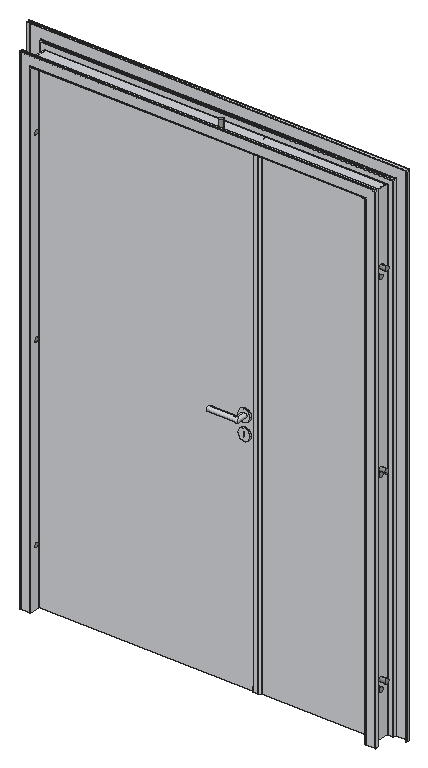
Revit family "Daloc S30 Pardörr", category Doors, host Wall, Revit 2017
Family settings
  Host = Wall
  OmniClass Number = 23.30.10.00
  OmniClass Title = Doors
  Always vertical = Yes
  Cut with Voids When Loaded = No
  Shared = No
  Room Calculation Point = No
Parameters (values of type "Pardörr 15x21")
  Övre hål Fp Ggj Ö [instance] = Fp Ggj Ö + 18 mm  # 1792.5 mm
  Övre ggj start [instance] = (Modulhöjd * 100 mm) - 350.5 mm  # 1749.5 mm
  Övre ggj end [instance] = Övre ggj start + 120 mm  # 1869.5 mm
  Vänsterhängd [instance] = no
  Väggtjocklek [instance] = 150 mm
  Visa kollisionskontroll [instance] = no
  Visa infästningshål [instance] = yes
  Undre hål Fp Ggj Ö [instance] = Fp Ggj Ö - 18 mm  # 1756.5 mm
  Tröskeltyp TPZ [instance] = yes
  Tröskeltyp ATZ [instance] = no
  Tröskeltyp ATE [instance] = no
  Tillkommande ggj [instance] = or(Modulhöjd = 24, Bredd aktivt dörrblad > 1125 mm, Bredd passivt dörrblad > 825 mm)  # no
  Start tillkommande ggj [instance] = Övre ggj start - 400 mm  # 1349.5 mm
  Placering kollisionk [instance] = Avstånd karm dörrblad + 7 mm  # 25 mm
  Placering ggj [instance] = Avstånd karm dörrblad + 7 mm  # 25 mm
  Modulhöjd = 21
  Modulbredd = 15
  Kulör dörrblad [instance] = none
  Kollisionskontroll vänster [instance] = and(Visa kollisionskontroll, Vänsterhängd)  # no
  Kollisionskontroll höger [instance] = and(Visa kollisionskontroll, Högerhängd)  # no
  KDH [instance] = Height - 75 mm  # 2025 mm
  KDB/2 [instance] = KDB / 2  # 700 mm
  KDB [instance] = (Modulbredd * 100 mm) - 100 mm  # 1400 mm
  Inf överstycke 21x24, Vänster [instance] = and(Modulbredd = 21, Vänsterhängd)  # no
  Inf överstycke 21x24, Höger [instance] = and(Modulbredd = 21, Högerhängd)  # no
  Inf överstycke 18x21, 18x24, Vänster [instance] = and(Modulbredd = 18, Vänsterhängd)  # no
  Inf överstycke 18x21, 18x24, Höger [instance] = and(Modulbredd = 18, Högerhängd)  # no
  Inf överstycke 15x21 Vänster [instance] = and(Modulbredd = 15, Vänsterhängd)  # no
  Inf överstycke 15x21 Höger [instance] = and(Modulbredd = 15, Högerhängd)  # yes
  Höjd trycke [instance] = 1024 mm  # constant formula
  Höjd dörrblad [instance] = (Modulhöjd * 100 mm) - 26 mm  # 2074 mm
  Högerhängd [instance] = yes
  Function = Interior
  Frame Projection Ext. = 25 mm
  Frame Projection Int. = 25 mm
  Frame Width = 75 mm
  Height = Modulhöjd * 100 mm  # 2100 mm
  Wall Closure = By host
  Width = Modulbredd * 100 mm  # 1500 mm
  Fp Xtr Ö [instance] = KDH - 135 mm  # 1890 mm
  Fp Ggj Ö [instance] = KDH - 250.5 mm  # 1774.5 mm
  Extra infästning [instance] = and(Visa infästningshål, (or(Bredd aktivt dörrblad > 925 mm, Bredd passivt dörrblad > 925 mm)))  # no
  Extra inf ggj 3 övre hål [instance] = Extra inf ggj 3 + 18 mm  # 1392.5 mm
  Extra inf ggj 3 undre hål [instance] = Extra inf ggj 3 - 18 mm  # 1356.5 mm
  Extra inf ggj 3 [instance] = KDH - 650.5 mm  # 1374.5 mm
  End tillkommande ggj [instance] = Start tillkommande ggj + 120 mm  # 1469.5 mm
  Dörrkarm K42 [instance] = no
  Dörrkarm K41 [instance] = yes
  Dörrblad ÖK [instance] = Höjd dörrblad + Dörrblad UK  # 2083 mm
  Dörrblad UK [instance] = 9 mm
  Datablad [instance] = "http://www.dorrkatalogen.daloc.se/staldorrar/S30/"
  Bredd passivt dörrblad [instance] = (Modulbredd * 100 mm) - 76 mm - Bredd aktivt dörrblad - 4 mm  # 495 mm
  Bredd passiv med överfals [instance] = Bredd passivt dörrblad + 35 mm  # 530 mm
  Bredd omfattningskarm [instance] = Väggtjocklek - 50 mm  # 100 mm
  Bredd aktiv med överfals [instance] = Bredd aktivt dörrblad + 35 mm  # 960 mm
  Bredd aktivt dörrblad [instance] = if(Modulbredd = 21, 1025 mm, 925 mm)  # 925 mm
  Avstånd karm dörrblad [instance] = 18 mm
  Avstånd dörrblad karm [instance] = 2 mm
  Aktiv dörrbredd/2 [instance] = Bredd aktivt dörrblad / 2  # 462.5 mm
Types (5, lengths in mm): name | Övre hål Fp Ggj Ö | Övre ggj start | Övre ggj end | Undre hål Fp Ggj Ö | Tröskeltyp TPZ | Tröskeltyp ATZ | Tröskeltyp ATE | Tillkommande ggj | Start tillkommande ggj | Modulhöjd | Modulbredd | KDH | KDB/2 | KDB | Inf överstycke 21x24, Höger | Inf överstycke 18x21, 18x24, Höger | Inf överstycke 15x21 Höger | Höjd dörrblad | Height | Width | Fp Xtr Ö | Fp Ggj Ö | Extra infästning | Extra inf ggj 3 övre hål | Extra inf ggj 3 undre hål | Extra inf ggj 3 | End tillkommande ggj | Dörrblad ÖK | Bredd passivt dörrblad | Bredd passiv med överfals | Bredd aktiv med överfals | Bredd aktivt dörrblad | Aktiv dörrbredd/2
  (no name) | 1792.5 | 1749.5 | 1869.5 | 1756.5 | yes | no | no | no | 1349.5 | 21 | 15 | 2025 | 700 | 1400 | no | no | yes | 2074 | 2100 | 1500 | 1890 | 1774.5 | no | 1392.5 | 1356.5 | 1374.5 | 1469.5 | 2083 | 495 | 530 | 960 | 925 | 462.5
  Pardörr 15x21 | 1792.5 | 1749.5 | 1869.5 | 1756.5 | yes | no | no | no | 1349.5 | 21 | 15 | 2025 | 700 | 1400 | no | no | yes | 2074 | 2100 | 1500 | 1890 | 1774.5 | no | 1392.5 | 1356.5 | 1374.5 | 1469.5 | 2083 | 495 | 530 | 960 | 925 | 462.5
  Pardörr 18x21 | 1792.5 | 1749.5 | 1869.5 | 1756.5 | no | yes | yes | no | 1349.5 | 21 | 18 | 2025 | 850 | 1700 | no | yes | no | 2074 | 2100 | 1800 | 1890 | 1774.5 | no | 1392.5 | 1356.5 | 1374.5 | 1469.5 | 2083 | 795 | 830 | 960 | 925 | 462.5
  Pardörr 18x24 | 2092.5 | 2049.5 | 2169.5 | 2056.5 | no | yes | no | yes | 1649.5 | 24 | 18 | 2325 | 850 | 1700 | no | yes | no | 2374 | 2400 | 1800 | 2190 | 2074.5 | no | 1692.5 | 1656.5 | 1674.5 | 1769.5 | 2383 | 795 | 830 | 960 | 925 | 462.5
  Pardörr 21x24 | 2092.5 | 2049.5 | 2169.5 | 2056.5 | no | yes | no | yes | 1649.5 | 24 | 21 | 2325 | 1000 | 2000 | yes | no | no | 2374 | 2400 | 2100 | 2190 | 2074.5 | yes | 1692.5 | 1656.5 | 1674.5 | 1769.5 | 2383 | 995 | 1030 | 1060 | 1025 | 512.5
Reference planes
  plane 1: y = 0
  plane 2 "Center (Left/Right)": x = 0
  plane 3 "Left": x = -750
  plane 4 "Right": x = 750
  plane 5: z = 2100
  plane 6 "Exterior": y = 75
  plane 7 "Interior": y = -75
  plane 8 "Drevmån h": x = -745
  plane 9 "Drevmån v": x = 745
  plane 10 "Drevmån övre": z = 2093
Forms (mm)
  Sweep 1, solid, visible <- "Dörrkarm K41"
    path origin (0, 75, 0) x (1, 0, 0) y (0, 0, 1)
      loop
        line (745, 0) -> (745, 2093) -> (-745, 2093) -> (-745, 0)
    profile "Karm_K41 : Karm_K41" origin (745, 75, 1046.5) x (-1, 0, 0) y (0, -1, 0)
      loop
        line (-0.1, 85) -> (1.4, 85) -> (1.4, 95)
        arc (1.4, 95) -> (1.839, 96.061) -> (2.9, 96.5) r 1.5
        line (2.9, 96.5) -> (41.9, 96.5)
        arc (41.9, 96.5) -> (42.961, 96.061) -> (43.4, 95) r 1.5
        line (43.4, 95) -> (43.4, 55)
        arc (43.4, 55) -> (42.961, 53.939) -> (41.9, 53.5) r 1.5
        line (41.9, 53.5) -> (28.4, 53.5) -> (28.4, 3)
        arc (28.4, 3) -> (27.961, 1.939) -> (26.9, 1.5) r 1.5
        line (26.9, 1.5) -> (6.4, 1.5)
        arc (6.4, 1.5) -> (4.279, 0.621) -> (3.4, -1.5) r 3
        line (3.4, -1.5) -> (3.4, -10)
        arc (3.4, -10) -> (2.961, -11.061) -> (1.9, -11.5) r 1.5
        line (1.9, -11.5) -> (-47.1, -11.5)
        arc (-47.1, -11.5) -> (-48.161, -11.061) -> (-48.6, -10) r 1.5
        line (-48.6, -10) -> (-48.6, 0) -> (-50.1, 0) -> (-50.1, -10)
        arc (-50.1, -10) -> (-49.221, -12.121) -> (-47.1, -13) r 3
        line (-47.1, -13) -> (1.9, -13)
        arc (1.9, -13) -> (4.021, -12.121) -> (4.9, -10) r 3
        line (4.9, -10) -> (4.9, -1.5)
        arc (4.9, -1.5) -> (5.339, -0.439) -> (6.4, 0) r 1.5
        line (6.4, 0) -> (26.9, 0)
        arc (26.9, 0) -> (29.021, 0.879) -> (29.9, 3) r 3
        line (29.9, 3) -> (29.9, 52) -> (41.9, 52)
        arc (41.9, 52) -> (44.021, 52.879) -> (44.9, 55) r 3
        line (44.9, 55) -> (44.9, 95)
        arc (44.9, 95) -> (44.021, 97.121) -> (41.9, 98) r 3
        line (41.9, 98) -> (2.9, 98)
        arc (2.9, 98) -> (0.779, 97.121) -> (-0.1, 95) r 3
        line (-0.1, 95) -> (-0.1, 85)
  Sweep 2, solid, visible <- "Dörrkarm K42"
    path origin (0, 75, 0) x (1, 0, 0) y (0, 0, 1)
      loop
        line (-745.1, 0) -> (-745.1, 2093.1) -> (745.1, 2093.1) -> (745.1, 0)
    profile "Karm_K42 : Karm_K42" origin (-745.1, 75, 1046.55) x (-1, 0, 0) y (0, -1, 0)
      loop
        line (0, 85) -> (0, 95)
        arc (0, 95) -> (-0.879, 97.121) -> (-3, 98) r 3
        line (-3, 98) -> (-42, 98)
        arc (-42, 98) -> (-44.121, 97.121) -> (-45, 95) r 3
        line (-45, 95) -> (-45, 55)
        arc (-45, 55) -> (-44.121, 52.879) -> (-42, 52) r 3
        line (-42, 52) -> (-30, 52) -> (-30, 3)
        arc (-30, 3) -> (-29.121, 0.879) -> (-27, 0) r 3
        line (-27, 0) -> (-3, 0)
        arc (-3, 0) -> (-0.879, 0.879) -> (0, 3) r 3
        line (0, 3) -> (0, 13) -> (-1.5, 13) -> (-1.5, 3)
        arc (-1.5, 3) -> (-1.939, 1.939) -> (-3, 1.5) r 1.5
        line (-3, 1.5) -> (-27, 1.5)
        arc (-27, 1.5) -> (-28.061, 1.939) -> (-28.5, 3) r 1.5
        line (-28.5, 3) -> (-28.5, 53.5) -> (-42, 53.5)
        arc (-42, 53.5) -> (-43.061, 53.939) -> (-43.5, 55) r 1.5
        line (-43.5, 55) -> (-43.5, 95)
        arc (-43.5, 95) -> (-43.061, 96.061) -> (-42, 96.5) r 1.5
        line (-42, 96.5) -> (-3, 96.5)
        arc (-3, 96.5) -> (-1.939, 96.061) -> (-1.5, 95) r 1.5
        line (-1.5, 95) -> (-1.5, 85) -> (0, 85)
  Extrusion 3, solid, material "Daloc frigång", visible <- "Kollisionskontroll vänster"
    sketch origin (0, 0, 0) x (1, 0, 0) y (0, 1, 0)
      loop
        line (-725.1, 85.5) -> (-195.1, 85.5)
        arc (-195.1, 85.5) -> (-670.856, 705.517) -> (-1247.048, 177.534) r 530
        line (-1247.048, 177.534) -> (-725.1, 85.5)
    from 9 <- "Dörrblad UK" to 2083 <- "Dörrblad ÖK"
  Extrusion 4, solid, material "Daloc frigång", visible <- "Kollisionskontroll vänster"
    sketch origin (0, 0, 0) x (1, 0, 0) y (0, 1, 0)
      loop
        arc (1670.515, 252.202) -> (641.43, 1041.847) -> (-234.9, 85.5) r 960
        line (-234.9, 85.5) -> (725.1, 85.5) -> (1670.515, 252.202)
    from 9 <- "Dörrblad UK" to 2083 <- "Dörrblad ÖK"
  Extrusion 5, solid, material "Daloc frigång", visible <- "Kollisionskontroll höger"
    sketch origin (0, 0, 0) x (1, 0, 0) y (0, 1, 0)
      loop
        line (-725.1, 85.5) -> (234.9, 85.5)
        arc (234.9, 85.5) -> (-626.846, 1208.549) -> (-1670.515, 252.202) r 960
        line (-1670.515, 252.202) -> (-725.1, 85.5)
    from 9 <- "Dörrblad UK" to 2083 <- "Dörrblad ÖK"
  Extrusion 6, solid, material "Daloc frigång", visible <- "Kollisionskontroll höger"
    sketch origin (0, 0, 0) x (1, 0, 0) y (0, 1, 0)
      loop
        line (725.1, 85.5) -> (1247.048, 177.534)
        arc (1247.048, 177.534) -> (670.856, 705.517) -> (195.1, 85.5) r 530
        line (195.1, 85.5) -> (725.1, 85.5)
    from 9 <- "Dörrblad UK" to 2083 <- "Dörrblad ÖK"
  Extrusion 7, solid, material "Daloc ståltröskel"
    sketch origin (0, 0, 0) x (1, 0, 0) y (0, 1, 0)
      loop
        circle (-718.6, 94) r 8.5
    from 250 to 370
  Extrusion 8, solid, material "Daloc ståltröskel"
    sketch origin (0, 0, 0) x (1, 0, 0) y (0, 1, 0)
      loop
        circle (-718.6, 94) r 8.5
    from 1749.5 <- "Övre ggj start" to 1869.5 <- "Övre ggj end"
  Extrusion 9, solid, material "Daloc ståltröskel"
    sketch origin (0, 0, 0) x (1, 0, 0) y (0, 1, 0)
      loop
        circle (718.6, 94) r 8.5
    from 250 to 370
  Extrusion 10, solid, material "Daloc ståltröskel"
    sketch origin (0, 0, 0) x (1, 0, 0) y (0, 1, 0)
      loop
        circle (718.6, 94) r 8.5
    from 1749.5 <- "Övre ggj start" to 1869.5 <- "Övre ggj end"
  Extrusion 11, solid, material "Daloc ståltröskel", visible <- "Tillkommande ggj"
    sketch origin (0, 0, 0) x (1, 0, 0) y (0, 1, 0)
      loop
        circle (718.6, 94) r 8.5
    from 1349.5 <- "Start tillkommande ggj" to 1469.5 <- "End tillkommande ggj"
  Extrusion 12, solid, material "Daloc ståltröskel", visible <- "Tillkommande ggj"
    sketch origin (0, 0, 0) x (1, 0, 0) y (0, 1, 0)
      loop
        circle (-718.6, 94) r 8.5
    from 1349.5 <- "Start tillkommande ggj" to 1469.5 <- "End tillkommande ggj"
  Extrusion 13, solid, material "Daloc ståltröskel", visible <- "Extra infästning"
    sketch origin (-745, -300, 3151.663) x (0, 0, 1) y (0, -1, 0)
      loop
        circle (-1261.663, -335) r 8
      loop
        circle (-3025.663, -335) r 8
    from 0 to 31
  Extrusion 14, solid, material "Daloc ståltröskel", visible <- "Extra infästning"
    sketch origin (-745, -300, 3151.663) x (0, 0, 1) y (0, -1, 0)
      loop
        circle (-3025.663, -305) r 8
      loop
        circle (-1261.663, -305) r 8
    from 0 to 46
  Extrusion 15, solid, material "Daloc ståltröskel", visible <- "Extra infästning"
    sketch origin (745, -300, 3151.663) x (0, 0, 1) y (0, -1, 0)
      loop
        circle (-3025.663, -305) r 8
      loop
        circle (-1261.663, -305) r 8
    from 0 to -46
  Extrusion 16, solid, material "Daloc ståltröskel", visible <- "Visa infästningshål"
    sketch origin (-745, 0, 0) x (0, 0, 1) y (0, -1, 0)
      loop
        circle (226.5, -36) r 8
      loop
        circle (1015, -35) r 8
      loop
        circle (1774.5, -36) r 8
    from 0 to 31
  Extrusion 17, solid, material "Daloc ståltröskel", visible <- "Visa infästningshål"
    sketch origin (-745, 0, 0) x (0, 0, 1) y (0, -1, 0)
      loop
        circle (244.5, -5) r 8
      loop
        circle (1015, -5) r 8
      loop
        circle (1792.5, -5) r 8
    from 0 to 46
  Extrusion 18, solid, material "Daloc ståltröskel", visible <- "Visa infästningshål"
    sketch origin (745, 0, 0) x (0, 0, 1) y (0, -1, 0)
      loop
        circle (226.5, -36) r 8
      loop
        circle (1015, -35) r 8
      loop
        circle (1774.5, -36) r 8
    from 0 to -31
  Extrusion 19, solid, material "Daloc ståltröskel", visible <- "Visa infästningshål"
    sketch origin (745, 0, 0) x (0, 0, 1) y (0, -1, 0)
      loop
        circle (208.5, -5) r 8
      loop
        circle (1015, -5) r 8
      loop
        circle (1756.5, -5) r 8
    from 0 to -46
  Extrusion 20, solid, material "Daloc ståltröskel", visible <- "Extra infästning"
    sketch origin (745, 0, 0) x (0, 0, 1) y (0, -1, 0)
      loop
        circle (126, -35) r 8
      loop
        circle (1890, -35) r 8
    from 0 to -31
  Extrusion 21, solid, material "Daloc ståltröskel", visible <- "Tillkommande ggj"
    sketch origin (-745, 0, 0) x (0, 0, 1) y (0, -1, 0)
      loop
        circle (1374.5, -36) r 8
    from 0 to 31
  Extrusion 22, solid, material "Daloc ståltröskel", visible <- "Tillkommande ggj"
    sketch origin (-745, 0, 0) x (0, 0, 1) y (0, -1, 0)
      loop
        circle (1392.5, -5) r 8
    from 0 to 46
  Extrusion 23, solid, material "Daloc ståltröskel", visible <- "Tillkommande ggj"
    sketch origin (745, 0, 0) x (0, 0, 1) y (0, -1, 0)
      loop
        circle (1374.5, -36) r 8
    from 0 to -31
  Extrusion 24, solid, material "Daloc ståltröskel", visible <- "Tillkommande ggj"
    sketch origin (745, 0, 0) x (0, 0, 1) y (0, -1, 0)
      loop
        circle (1356.5, -5) r 8
    from 0 to -46
  Extrusion 25, solid, material "Daloc ståltröskel", visible <- "Inf överstycke 15x21 Höger"
    sketch origin (0, 0, 2093) x (-1, 0, 0) y (0, -1, 0)
      loop
        circle (-52.8, -35) r 8
    from 0 to -32
  Extrusion 26, solid, material "Daloc ståltröskel", visible <- "Inf överstycke 18x21, 18x24, Höger"
    sketch origin (0, 0, 2093) x (-1, 0, 0) y (0, -1, 0)
      loop
        circle (32, -35) r 8
      loop
        circle (-517, -35) r 8
    from 0 to -31
  Extrusion 27, solid, material "Daloc ståltröskel", visible <- "Inf överstycke 21x24, Höger"
    sketch origin (0, 0, 2093) x (-1, 0, 0) y (0, -1, 0)
      loop
        circle (32, -35) r 8
      loop
        circle (-517, -35) r 8
      loop
        circle (-345, -35) r 8
    from 0 to -31
  Extrusion 28, solid, material "Daloc ståltröskel", visible <- "Inf överstycke 15x21 Vänster"
    sketch origin (0, 0, 2093) x (-1, 0, 0) y (0, -1, 0)
      loop
        circle (52.9, -35) r 8
    from 0 to -31
  Extrusion 29, solid, material "Daloc ståltröskel", visible <- "Inf överstycke 18x21, 18x24, Vänster"
    sketch origin (0, 0, 2093) x (-1, 0, 0) y (0, -1, 0)
      loop
        circle (-32.1, -35) r 8
      loop
        circle (516.9, -35) r 8
    from 0 to -31
  Extrusion 30, solid, material "Daloc ståltröskel", visible <- "Inf överstycke 21x24, Vänster"
    sketch origin (0, 0, 2093) x (-1, 0, 0) y (0, -1, 0)
      loop
        circle (-32.1, -35) r 8
      loop
        circle (516.9, -35) r 8
      loop
        circle (345, -35) r 8
    from 0 to -31
  Extrusion 31, solid, material "Daloc ektröskel", visible <- "Tröskeltyp ATE"
    sketch origin (-745, 207, -145.282) x (0, 0, 1) y (0, -1, 0)
      loop
        line (145.282, 134) -> (152.282, 134)
        arc (152.282, 134) -> (154.403, 134.879) -> (155.282, 137) r 3
        line (155.282, 137) -> (155.282, 185) -> (167.282, 185)
        arc (167.282, 185) -> (167.989, 185.293) -> (168.282, 186) r 1
        line (168.282, 186) -> (168.282, 209.422)
        arc (168.282, 209.422) -> (168.227, 209.99) -> (168.067, 210.536) r 3
        line (168.067, 210.536) -> (161.036, 228.114)
        arc (161.036, 228.114) -> (159.932, 229.484) -> (158.25, 230) r 3
        line (158.25, 230) -> (145.282, 230) -> (145.282, 134)
    from 1490 to 0
  Extrusion 32, solid, material "Daloc ståltröskel", visible <- "Tröskeltyp ATZ"
    sketch origin (-745, -6283.315, -2006.71) x (0, 0, 1) y (0, -1, 0)
      loop
        line (2006.71, -6267.315) -> (2006.71, -6353.315)
        arc (2006.71, -6353.315) -> (2011.71, -6358.315) -> (2016.71, -6353.315) r 5
        line (2016.71, -6353.315) -> (2016.71, -6307.815)
        arc (2016.71, -6307.815) -> (2017.149, -6306.754) -> (2018.21, -6306.315) r 1.5
        line (2018.21, -6306.315) -> (2026.71, -6306.315)
        arc (2026.71, -6306.315) -> (2028.831, -6305.436) -> (2029.71, -6303.315) r 3
        line (2029.71, -6303.315) -> (2029.71, -6272.763)
        arc (2029.71, -6272.763) -> (2029.446, -6271.533) -> (2028.701, -6270.52) r 3
        line (2028.701, -6270.52) -> (2022.562, -6265.071)
        arc (2022.562, -6265.071) -> (2021.636, -6264.51) -> (2020.571, -6264.315) r 3
        line (2020.571, -6264.315) -> (2009.71, -6264.315)
        arc (2009.71, -6264.315) -> (2007.589, -6265.193) -> (2006.71, -6267.315) r 3
    from 1490 to 0
Lines and regions (mm)
  Opening 1
    outline origin (-3050, -75, 0) x (1, 0, 0) y (0, 0, 1)
      loop
        line (2300, 0) -> (3800, 0) -> (3800, 2100) -> (2300, 2100) -> (2300, 0)
  symbolic lines, style "Elevation Swing"
    curve 1: line (750, -75, 1050) -> (-750, -75, 2100)
    curve 2: line (750, -75, 1050) -> (-750, -75, 0)
  symbolic lines, visible <- "Kollisionskontroll vänster"
    curve 3: line (-725.1, 85.5, 0) -> (-195.1, 85.5, 0)
    curve 4: line (-725.1, 85.5, 0) -> (-1247.048, 177.534, 0)
    curve 5: arc (-1247.048, 177.534, 0) -> (-670.856, 705.517, 0) -> (-195.1, 85.5, 0) r 530
    curve 6: line (725.1, 85.5, 0) -> (-234.9, 85.5, 0)
    curve 7: line (725.1, 85.5, 0) -> (1670.515, 252.202, 0)
    curve 8: arc (1670.515, 252.202, 0) -> (641.43, 1041.847, 0) -> (-234.9, 85.5, 0) r 960
  symbolic lines, visible <- "Kollisionskontroll höger"
    curve 9: line (-725.1, 85.5, 0) -> (234.9, 85.5, 0)
    curve 10: line (-725.1, 85.5, 0) -> (-1670.515, 252.202, 0)
    curve 11: arc (-1670.515, 252.202, 0) -> (-626.846, 1208.549, 0) -> (234.9, 85.5, 0) r 960
    curve 12: line (725.1, 85.5, 0) -> (195.1, 85.5, 0)
    curve 13: line (725.1, 85.5, 0) -> (1247.048, 177.534, 0)
    curve 14: arc (1247.048, 177.534, 0) -> (670.856, 705.517, 0) -> (195.1, 85.5, 0) r 530
Text (mm)
  text "Exterior" at (-2295.016, 1099.543, 0), in view "Ref. Level"
  text "Exterior" at (0, 1615.38, 3698.081), in view "Left"
  text "Exterior" at (0, 1036.032, 3874.932), in view "Right"
Dimensions and locks
  equal spacing: plane 3 "Left", plane 2 "Center (Left/Right)", plane 4 "Right"
  "Width": plane 3 "Left" to plane 4 "Right"
  "Height": plane 5 to host wall
  equal spacing: host wall, curve 2, plane 5
  host wall to plane 5 = 2100 mm
  locked: plane 6 "Exterior" to host wall at 0
  locked: plane 7 "Interior" to host wall
  locked: plane 3 "Left" to plane 8 "Drevmån h" at 5
  locked: plane 9 "Drevmån v" to plane 4 "Right" at 5
  locked: plane 5 to plane 10 "Drevmån övre" at 7
  locked: level to Sweep 2
  locked: nested 3 to plane 9 "Drevmån v" at 32.9
  locked: plane 8 "Drevmån h" to nested 4 at 32.9
  locked: plane 8 "Drevmån h" to nested 2 at 33
  locked: nested 1 to plane 9 "Drevmån v" at 33
  "Avstånd dörrblad karm": plane 6 "Exterior" to nested 1
  "Avstånd dörrblad karm": nested 4 to plane 6 "Exterior"
  "Avstånd dörrblad karm": plane 6 "Exterior" to nested 3
  Sweep 1 to curve 3 = 15 mm
  "Bredd passiv med överfals": curve 3 to curve 3
  locked: nested 4 to curve 3 at 0
  "Bredd passiv med överfals": curve 4 to curve 3
  locked: curve 6 to Sweep 1 at 15
  nested 3 to curve 6 = 0 mm
  "Bredd aktiv med överfals": curve 6 to curve 6
  "Bredd aktiv med överfals": curve 7 to curve 7
  locked: Sweep 1 to curve 9 at 15
  "Bredd aktiv med överfals": curve 9 to curve 9
  curve 9 to nested 2 = 0 mm
  "Bredd aktiv med överfals": curve 10 to curve 9
  curve 12 to Sweep 1 = 15 mm
  "Bredd passiv med överfals": curve 12 to curve 12
  locked: curve 12 to nested 1 at 0
  "Bredd passiv med överfals": curve 13 to curve 12
  locked: Sweep 1 to Extrusion 7 sketch curve at 21.5
  locked: nested 4 to Extrusion 7 sketch curve at 8.5
  locked: Extrusion 9 sketch curve to Sweep 1 at 21.5
  locked: nested 3 to Extrusion 9 sketch curve at 8.5
  locked: nested 3 to nested 5 at 55
  locked: nested 3 to nested 5 at 5
  locked: nested 6 to nested 2 at 5
  locked: nested 6 to nested 2 at 55
  locked: nested 7 to nested 2 at 5
  locked: nested 7 to nested 2 at 55
  locked: nested 3 to nested 8 at 55
  locked: nested 3 to nested 8 at 5
  "Fp Xtr Ö": Extrusion 13 sketch curve to level
  locked: Extrusion 13 sketch curve to level at 126
  locked: Extrusion 14 sketch curve to level at 126
  locked: plane 6 "Exterior" to Extrusion 14 sketch curve at 70  (x2)
  "Fp Xtr Ö": Extrusion 14 sketch curve to level
  locked: plane 6 "Exterior" to Extrusion 13 sketch curve at 40  (x2)
  locked: Extrusion 15 sketch curve to plane 6 "Exterior" at 70  (x2)
  locked: Extrusion 15 sketch curve to level at 126
  "Fp Xtr Ö": Extrusion 15 sketch curve to level
  locked: Extrusion 16 sketch curve to level at 226.5
  locked: plane 6 "Exterior" to Extrusion 16 sketch curve at 39  (x2)
  locked: plane 6 "Exterior" to Extrusion 16 sketch curve at 40
  locked: Extrusion 16 sketch curve to level at 1015
  "Fp Ggj Ö": Extrusion 16 sketch curve to level
  locked: Extrusion 17 sketch curve to level at 244.5
  locked: plane 6 "Exterior" to Extrusion 17 sketch curve at 70  (x3)
  locked: Extrusion 17 sketch curve to level at 1015
  "Övre hål Fp Ggj Ö": Extrusion 17 sketch curve to level
  locked: Extrusion 18 sketch curve to plane 6 "Exterior" at 39  (x2)
  locked: Extrusion 18 sketch curve to level at 226.5
  locked: Extrusion 18 sketch curve to level at 1015
  locked: Extrusion 18 sketch curve to plane 6 "Exterior" at 40
  "Fp Ggj Ö": Extrusion 18 sketch curve to level
  locked: Extrusion 19 sketch curve to level at 208.5
  locked: Extrusion 19 sketch curve to plane 6 "Exterior" at 70  (x3)
  locked: Extrusion 19 sketch curve to level at 1015
  "Undre hål Fp Ggj Ö": Extrusion 19 sketch curve to level
  locked: Extrusion 20 sketch curve to level at 126
  locked: Extrusion 20 sketch curve to plane 6 "Exterior" at 40  (x2)
  "Fp Xtr Ö": Extrusion 20 sketch curve to level
  locked: plane 6 "Exterior" to Extrusion 21 sketch curve at 39
  "Extra inf ggj 3": Extrusion 21 sketch curve to level
  locked: plane 6 "Exterior" to Extrusion 22 sketch curve at 70
  "Extra inf ggj 3 övre hål": Extrusion 22 sketch curve to level
  locked: Extrusion 23 sketch curve to plane 6 "Exterior" at 39
  "Extra inf ggj 3": Extrusion 23 sketch curve to level
  "Extra inf ggj 3 undre hål": Extrusion 24 sketch curve to level
  locked: Extrusion 24 sketch curve to plane 6 "Exterior" at 70
  locked: Extrusion 25 sketch curve to plane 6 "Exterior" at 40
  locked: Extrusion 26 sketch curve to plane 6 "Exterior" at 40  (x2)
  locked: Extrusion 26 sketch curve to nested 2 at 245
  locked: nested 2 to Extrusion 26 sketch curve at 304
  Extrusion 25 sketch curve to nested 1 = 164.2 mm
  locked: Extrusion 27 sketch curve to nested 2 at 245
  locked: Extrusion 27 sketch curve to plane 6 "Exterior" at 40  (x3)
  locked: nested 2 to Extrusion 27 sketch curve at 304
  locked: Extrusion 27 sketch curve to plane 9 "Drevmån v" at 400
  locked: Extrusion 28 sketch curve to plane 6 "Exterior" at 40
  locked: nested 3 to Extrusion 28 sketch curve at 160
  locked: nested 3 to Extrusion 29 sketch curve at 245
  locked: Extrusion 29 sketch curve to plane 6 "Exterior" at 40  (x2)
  locked: Extrusion 29 sketch curve to nested 3 at 304
  locked: Extrusion 30 sketch curve to plane 6 "Exterior" at 40  (x3)
  locked: nested 3 to Extrusion 30 sketch curve at 245
  locked: Extrusion 30 sketch curve to nested 3 at 304
  locked: plane 8 "Drevmån h" to Extrusion 30 sketch curve at 400
  "Avstånd dörrblad karm": plane 6 "Exterior" to nested 2
  locked: Extrusion 31 to plane 6 "Exterior" at 2
  Extrusion 31 sketch curve to level = 0 mm
  locked: Extrusion 31 sketch curve to Extrusion 31 sketch curve at 23
  locked: Extrusion 31 sketch curve to Extrusion 31 sketch curve at 10
  locked: Extrusion 31 sketch curve to Extrusion 31 sketch curve at 96
  locked: Extrusion 31 sketch curve to Extrusion 31 sketch curve at 45
  locked: Extrusion 31 sketch curve to Extrusion 31 sketch curve at 12
  locked: Extrusion 31 to level at 0
  locked: Extrusion 32 to plane 6 "Exterior" at 5
  locked: Extrusion 32 sketch curve to Extrusion 32 sketch curve at 10
  locked: Extrusion 32 sketch curve to Extrusion 32 sketch curve at 23
  locked: Extrusion 32 sketch curve to Extrusion 32 sketch curve at 42
  locked: Extrusion 32 sketch curve to Extrusion 32 sketch curve at 86
  locked: Extrusion 32 to level at 0
  locked: plane 6 "Exterior" to Extrusion 32 at 94
  "Bredd passiv med överfals": radius of curve 5
  "Bredd aktiv med överfals": radius of curve 8
  "Bredd aktiv med överfals": radius of curve 11
  "Bredd passiv med överfals": radius of curve 14
  radius of Extrusion 31 sketch curve = 3 mm  (x2)
  radius of Extrusion 31 sketch curve = 1 mm
  radius of Extrusion 32 sketch curve = 5 mm
  radius of Extrusion 32 sketch curve = 1.5 mm
  radius of Extrusion 32 sketch curve = 3 mm  (x4)
  locked: nested 4 to curve 4 (angle 170.00°)
  locked: curve 7 to nested 3 (angle 170.00°)
  locked: nested 2 to curve 10 (angle 170.00°)
  locked: curve 13 to nested 1 (angle 170.00°)
  aligned and locked: plane 3 "Left" to Opening 1 sketch curve
  aligned and locked: plane 5 to Opening 1 sketch curve  (x2)
  aligned and locked: Opening 1 sketch curve to plane 4 "Right"
  aligned and locked: Opening 1 sketch curve to level
  aligned and locked: plane 5 to curve 1
  aligned and locked: plane 3 "Left" to curve 2
  aligned and locked: plane 1 to host wall
  aligned and locked: plane 3 "Left" to curve 1
  aligned and locked: plane 9 "Drevmån v" to Sweep 1 sketch curve
  aligned and locked: plane 10 "Drevmån övre" to Sweep 1 sketch curve
  aligned and locked: Sweep 1 sketch curve to plane 8 "Drevmån h"
  aligned and locked: Extrusion 3 sketch curve to curve 4
  aligned and locked: Extrusion 3 sketch curve to curve 5
  aligned and locked: Extrusion 3 sketch curve to nested 4
  aligned and locked: Extrusion 4 sketch curve to curve 8
  aligned and locked: Extrusion 4 sketch curve to curve 7
  aligned and locked: nested 3 to Extrusion 4 sketch curve
  aligned and locked: Extrusion 5 sketch curve to curve 10
  aligned and locked: Extrusion 5 sketch curve to curve 11
  aligned and locked: nested 2 to Extrusion 5 sketch curve
  aligned and locked: Extrusion 6 sketch curve to curve 13
  aligned and locked: Extrusion 6 sketch curve to curve 14
  aligned and locked: Extrusion 6 sketch curve to nested 1
  aligned and locked: Extrusion 8 sketch curve to Extrusion 7  (x2)
  aligned and locked: Extrusion 10 sketch curve to Extrusion 9  (x2)
  aligned and locked: Extrusion 11 sketch curve to Extrusion 9  (x2)
  aligned and locked: Extrusion 12 sketch curve to Extrusion 7  (x2)
  aligned and locked: Extrusion 13 to plane 8 "Drevmån h"
  aligned and locked: Extrusion 31 to plane 8 "Drevmån h"
  aligned and locked: plane 9 "Drevmån v" to Extrusion 31
  aligned and locked: plane 9 "Drevmån v" to Extrusion 32
  aligned and locked: Extrusion 32 to plane 8 "Drevmån h"
Automatic sketch dimensions
  curve 2 to level = 0 mm
  plane 4 "Right" to curve 2 = 0 mm
  Sweep 1 sketch curve to level = 0 mm  (x2)
  Sweep 2 sketch curve to level = 0 mm  (x2)
  Sweep 2 sketch curve to plane 8 "Drevmån h" = 0.1 mm
  plane 9 "Drevmån v" to Sweep 2 sketch curve = 0.1 mm
  plane 10 "Drevmån övre" to Sweep 2 sketch curve = 0.1 mm
  Extrusion 8 sketch curve to Extrusion 8 sketch curve = 0 mm  (x2)
  Extrusion 10 sketch curve to Extrusion 10 sketch curve = 0 mm  (x2)
  Extrusion 11 sketch curve to Extrusion 11 sketch curve = 0 mm  (x2)
  Extrusion 12 sketch curve to Extrusion 12 sketch curve = 0 mm  (x2)
  Extrusion 31 sketch curve to Extrusion 31 sketch curve = 3 mm  (x2)
  level to Extrusion 31 sketch curve = 12.969 mm
  Extrusion 31 sketch curve to Extrusion 31 sketch curve = 2.785 mm
  Extrusion 31 sketch curve to host wall = 2 mm
  Extrusion 32 sketch curve to level = 0 mm
  Extrusion 32 sketch curve to Extrusion 32 sketch curve = 6.139 mm
  Extrusion 32 sketch curve to Extrusion 32 sketch curve = 1.009 mm
  host wall to Extrusion 32 sketch curve = 56 mm
  radius of Extrusion 7 sketch curve = 8.5 mm
  radius of Extrusion 9 sketch curve = 8.5 mm
  radius of Extrusion 13 sketch curve = 8 mm  (x2)
  radius of Extrusion 14 sketch curve = 8 mm  (x2)
  radius of Extrusion 15 sketch curve = 8 mm  (x2)
  radius of Extrusion 16 sketch curve = 8 mm  (x3)
  radius of Extrusion 17 sketch curve = 8 mm  (x3)
  radius of Extrusion 18 sketch curve = 8 mm  (x3)
  radius of Extrusion 19 sketch curve = 8 mm  (x3)
  radius of Extrusion 20 sketch curve = 8 mm  (x2)
  radius of Extrusion 21 sketch curve = 8 mm
  radius of Extrusion 22 sketch curve = 8 mm
  radius of Extrusion 23 sketch curve = 8 mm
  radius of Extrusion 24 sketch curve = 8 mm
  radius of Extrusion 25 sketch curve = 8 mm
  radius of Extrusion 26 sketch curve = 8 mm  (x2)
  radius of Extrusion 27 sketch curve = 8 mm  (x3)
  radius of Extrusion 28 sketch curve = 8 mm
  radius of Extrusion 29 sketch curve = 8 mm  (x2)
  radius of Extrusion 30 sketch curve = 8 mm  (x3)
Nested families
  nested 1: "Passivt dörrblad" at (464.5, 85.5, 0) x (-1, 0, 0) z (0, 0, 1), visible <- "Högerhängd", Bredd dörrblad <- "Bredd passivt dörrblad", Höjd dörrblad <- "Höjd dörrblad", Kulör dörrblad <- "Kulör dörrblad", type "Passivt dörrblad"
    with Kulör dörrblad none, Höjd övre profil 2073 mm, Höjd dörrblad 2074 mm, Halva negativa bredden -277.5 mm, Halva bredden 277.5 mm, Bredd dörrblad 495 mm
  nested 2: "Aktivt dörrblad" at (-249.5, 85.5, 0) x (-1, 0, 0) z (0, 0, 1), Bredd dörrblad <- "Bredd aktivt dörrblad", Höjd dörrblad <- "Höjd dörrblad", visible <- "Högerhängd", Kulör dörrblad <- "Kulör dörrblad", type "Aktivt dörrblad"
    with Kulör dörrblad none, Höjd övre profil 2073 mm, Höjd dörrblad 2074 mm, Halva negativa bredden -492.5 mm, Halva bredden 492.5 mm, Bredd dörrblad 925 mm
  nested 3: "Aktivt dörrblad" at (249.6, 85.5, 0), Bredd dörrblad <- "Bredd aktivt dörrblad", Höjd dörrblad <- "Höjd dörrblad", visible <- "Vänsterhängd", Kulör dörrblad <- "Kulör dörrblad", type "Aktivt dörrblad"
    with Kulör dörrblad none, Höjd övre profil 2073 mm, Höjd dörrblad 2074 mm, Halva negativa bredden -492.5 mm, Halva bredden 492.5 mm, Bredd dörrblad 925 mm
  nested 4: "Passivt dörrblad" at (-464.6, 85.5, 0), visible <- "Vänsterhängd", Bredd dörrblad <- "Bredd passivt dörrblad", Höjd dörrblad <- "Höjd dörrblad", Kulör dörrblad <- "Kulör dörrblad", type "Passivt dörrblad"
    with Kulör dörrblad none, Höjd övre profil 2073 mm, Höjd dörrblad 2074 mm, Halva negativa bredden -277.5 mm, Halva bredden 277.5 mm, Bredd dörrblad 495 mm
  nested 5: "Handtag_J" at (-157.9, 85.5, 1024) x (-1, 0, 0) z (0, 1, 0), visible <- "Vänsterhängd", built-in parameter 1001360 <- "Höjd trycke", type "Handtag_J"
    with Handtag Ytterdörr none
  nested 6: "Handtag_J" at (158, 85.5, 1024) x (1, 0, 0) z (0, 1, 0), visible <- "Högerhängd", built-in parameter 1001360 <- "Höjd trycke", type "Handtag_J"
    with Handtag Ytterdörr none
  nested 7: "Handtag_J" at (158, 27.5, 1024) x (1, 0, 0) z (0, -1, 0), visible <- "Högerhängd", built-in parameter 1001360 <- "Höjd trycke", type "Handtag_J"
    with Handtag Ytterdörr none
  nested 8: "Handtag_J" at (-157.9, 27.5, 1024) x (-1, 0, 0) z (0, -1, 0), visible <- "Vänsterhängd", built-in parameter 1001360 <- "Höjd trycke", type "Handtag_J"
    with Handtag Ytterdörr none
Definition of nested family "Passivt dörrblad"
  Parameters (values of type "Passivt dörrblad")
    Kulör dörrblad [instance] = none
    Höjd övre profil [instance] = Höjd dörrblad - 1 mm  # 2060 mm
    Höjd dörrblad [instance] = 2061 mm
    Halva negativa bredden [instance] = -((Bredd dörrblad / 2) + 30 mm)  # -542 mm
    Halva bredden [instance] = (Bredd dörrblad / 2) + 30 mm  # 542 mm
    Bredd dörrblad [instance] = 1024 mm
  Reference planes
    plane 1 "Center (Front/Back)": y = 0
    plane 2: z = 0
    plane 3 "Center (Left/Right)": x = 0
  Forms (mm)
    Extrusion 1, solid
      sketch origin (0, 0, 0) x (1, 0, 0) y (0, 1, 0)
        loop
          arc (-508, 9.5) -> (-508.293, 8.793) -> (-509, 8.5) r 1
          line (-509, 8.5) -> (-522.972, 8.5)
          arc (-522.972, 8.5) -> (-524.819, 7.265) -> (-524.386, 5.086) r 2
          line (-524.386, 5.086) -> (-519.886, 0.586)
          arc (-519.886, 0.586) -> (-519.237, 0.152) -> (-518.472, 0) r 2
          line (-518.472, 0) -> (510, 0)
          arc (510, 0) -> (511.414, 0.586) -> (512, 2) r 2
          line (512, 2) -> (512, 42.2)
          arc (512, 42.2) -> (511.473, 43.473) -> (510.2, 44) r 1.8
          line (510.2, 44) -> (508, 44) -> (508, 57.2)
          arc (508, 57.2) -> (508.586, 58.614) -> (510, 59.2) r 2
          line (510, 59.2) -> (532, 59.2)
          arc (532, 59.2) -> (533.848, 60.435) -> (533.414, 62.614) r 2
          line (533.414, 62.614) -> (531.614, 64.414)
          arc (531.614, 64.414) -> (530.965, 64.848) -> (530.2, 65) r 2
          line (530.2, 65) -> (511.285, 65)
          arc (511.285, 65) -> (510.52, 64.848) -> (509.871, 64.414) r 2
          line (509.871, 64.414) -> (504.043, 58.586)
          arc (504.043, 58.586) -> (503.394, 58.152) -> (502.628, 58) r 2
          line (502.628, 58) -> (-510, 58)
          arc (-510, 58) -> (-511.414, 57.414) -> (-512, 56) r 2
          line (-512, 56) -> (-512, 46)
          arc (-512, 46) -> (-511.473, 44.727) -> (-510.2, 44.2) r 1.8
          line (-510.2, 44.2) -> (-508, 44.2) -> (-508, 9.5)
      from 0 to 2061 <- "Höjd dörrblad"
    Extrusion 2, void
      sketch origin (0, 0, 0) x (0, 1, 0) y (0, 0, 1)
        loop
          line (-26.5, 2060) -> (8.5, 2060) -> (8.5, 2048) -> (94.661, 2048) -> (94.661, 2075.221) -> (-26.5, 2075.221) -> (-26.5, 2060)
      from -542 <- "Halva negativa bredden" to 542 <- "Halva bredden"
  Cuts and joins
    Extrusion 2 cuts Extrusion 1
  Lines and regions (mm)
    model lines
      curve 1: arc (-522.972, 8.5, 0) -> (-524.819, 7.265, 0) -> (-524.386, 5.086, 0) r 2
      curve 2: line (-509, 8.5, 0) -> (-522.972, 8.5, 0)
      curve 3: arc (-509, 8.5, 0) -> (-508.293, 8.793, 0) -> (-508, 9.5, 0) r 1
      curve 4: line (-508, 9.5, 0) -> (-508, 44.2, 0)
      curve 5: arc (-512, 46, 0) -> (-511.473, 44.727, 0) -> (-510.2, 44.2, 0) r 1.8
      curve 6: line (-512, 56, 0) -> (-512, 46, 0)
      curve 7: arc (-510, 58, 0) -> (-511.414, 57.414, 0) -> (-512, 56, 0) r 2
      curve 8: line (-510, 58, 0) -> (502.628, 58, 0)
      curve 9: arc (502.628, 58, 0) -> (503.394, 58.152, 0) -> (504.043, 58.586, 0) r 2
      curve 10: line (509.871, 64.414, 0) -> (504.043, 58.586, 0)
      curve 11: arc (511.285, 65, 0) -> (510.52, 64.848, 0) -> (509.871, 64.414, 0) r 2
      curve 12: line (530.2, 65, 0) -> (511.285, 65, 0)
      curve 13: arc (531.614, 64.414, 0) -> (530.965, 64.848, 0) -> (530.2, 65, 0) r 2
      curve 14: line (533.414, 62.614, 0) -> (531.614, 64.414, 0)
      curve 15: arc (532, 59.2, 0) -> (533.848, 60.435, 0) -> (533.414, 62.614, 0) r 2
      curve 16: line (510, 59.2, 0) -> (532, 59.2, 0)
      curve 17: arc (510, 59.2, 0) -> (508.586, 58.614, 0) -> (508, 57.2, 0) r 2
      curve 18: line (508, 44, 0) -> (508, 57.2, 0)
      curve 19: arc (512, 42.2, 0) -> (511.473, 43.473, 0) -> (510.2, 44, 0) r 1.8
      curve 20: line (512, 2, 0) -> (512, 42.2, 0)
      curve 21: arc (510, 0, 0) -> (511.414, 0.586, 0) -> (512, 2, 0) r 2
      curve 22: line (-518.472, 0, 0) -> (510, 0, 0)
      curve 23: arc (-519.886, 0.586, 0) -> (-519.237, 0.152, 0) -> (-518.472, 0, 0) r 2
      curve 24: line (-524.386, 5.086, 0) -> (-519.886, 0.586, 0)
      curve 25: line (-510.2, 44.2, 0) -> (-508, 44.2, 0)
      curve 26: line (510.2, 44, 0) -> (508, 44, 0)
  Dimensions and locks
    locked: curve 22 to plane 1 "Center (Front/Back)"
    equal spacing: curve 6, plane 3 "Center (Left/Right)", curve 20
    locked: curve 22 to curve 8 at 58
    "Bredd dörrblad": curve 6 to curve 20
    "Höjd övre profil": Extrusion 2 sketch curve to level
    Extrusion 2 sketch curve to plane 1 "Center (Front/Back)" = 8.5 mm
    locked: Extrusion 2 sketch curve to Extrusion 2 sketch curve at 12
    aligned and locked: level to plane 2
    aligned and locked: Extrusion 1 sketch curve to curve 25
    aligned and locked: Extrusion 1 sketch curve to curve 7
    aligned and locked: Extrusion 1 sketch curve to curve 9
    aligned and locked: Extrusion 1 sketch curve to curve 12
    aligned and locked: Extrusion 1 sketch curve to curve 15
    aligned and locked: Extrusion 1 sketch curve to curve 17
    aligned and locked: Extrusion 1 sketch curve to curve 18
    aligned and locked: Extrusion 1 sketch curve to curve 19
    aligned and locked: Extrusion 1 sketch curve to curve 21
    aligned and locked: Extrusion 1 sketch curve to curve 23
    aligned and locked: Extrusion 1 sketch curve to curve 1
    aligned and locked: Extrusion 1 sketch curve to curve 3
  Automatic sketch dimensions
    Extrusion 1 sketch curve to Extrusion 1 sketch curve = 1.8 mm
    Extrusion 1 sketch curve to Extrusion 1 sketch curve = 1.414 mm  (x3)
    Extrusion 1 sketch curve to Extrusion 1 sketch curve = 1.285 mm
    curve 22 to curve 5 = 6.472 mm
    curve 24 to plane 1 "Center (Front/Back)" = 0.586 mm
    curve 24 to curve 22 = 1.414 mm
    curve 2 to curve 23 = 4.5 mm
    curve 24 to plane 1 "Center (Front/Back)" = 5.086 mm
    curve 5 to curve 25 = 1.8 mm
    curve 6 to curve 7 = 2 mm
    curve 23 to curve 3 = 9.472 mm
    curve 3 to curve 4 = 1 mm
    curve 9 to curve 19 = 9.372 mm
    curve 10 to plane 1 "Center (Front/Back)" = 58.586 mm
    curve 8 to curve 10 = 1.414 mm
    curve 26 to curve 19 = 4 mm
    curve 10 to plane 1 "Center (Front/Back)" = 64.414 mm
    curve 17 to curve 16 = 2 mm
    curve 22 to curve 20 = 2 mm
    curve 19 to curve 19 = 1.8 mm
    curve 10 to curve 12 = 1.414 mm
    curve 11 to curve 13 = 18.915 mm
    curve 14 to plane 1 "Center (Front/Back)" = 64.414 mm
    curve 12 to curve 14 = 1.414 mm
    curve 13 to curve 15 = 1.8 mm
    curve 14 to plane 1 "Center (Front/Back)" = 62.614 mm
    curve 20 to curve 17 = 15 mm
    curve 4 to curve 7 = 11.8 mm
    plane 1 "Center (Front/Back)" to Extrusion 2 sketch curve = 26.5 mm
    Extrusion 2 sketch curve to Extrusion 2 sketch curve = 86.161 mm
    Extrusion 2 sketch curve to Extrusion 2 sketch curve = 15.221 mm
Definition of nested family "Aktivt dörrblad"
  Parameters (values of type "Aktivt dörrblad")
    Kulör dörrblad [instance] = none
    Höjd övre profil [instance] = Höjd dörrblad - 1 mm  # 2060 mm
    Höjd dörrblad [instance] = 2061 mm
    Halva negativa bredden [instance] = -((Bredd dörrblad / 2) + 30 mm)  # -492 mm
    Halva bredden [instance] = (Bredd dörrblad / 2) + 30 mm  # 492 mm
    Bredd dörrblad [instance] = 924 mm
  Reference planes
    plane 1 "Center (Front/Back)": y = 0
    plane 2: z = 0
    plane 3 "Center (Left/Right)": x = 0
  Forms (mm)
    Extrusion 1, solid
      sketch origin (0, 0, 0) x (1, 0, 0) y (0, 1, 0)
        loop
          line (-458, 34.099) -> (-458, 0.618)
          arc (-458, 0.618) -> (-458.532, -0.668) -> (-459.818, -1.2) r 1.818
          line (-459.818, -1.2) -> (-483.002, -1.2)
          arc (-483.002, -1.2) -> (-484.848, -2.436) -> (-484.414, -4.614) r 2
          line (-484.414, -4.614) -> (-482.614, -6.414)
          arc (-482.614, -6.414) -> (-481.965, -6.848) -> (-481.2, -7) r 2
          line (-481.2, -7) -> (-462.285, -7)
          arc (-462.285, -7) -> (-461.426, -6.809) -> (-460.728, -6.271) r 2.028
          line (-460.728, -6.271) -> (-455.041, -0.584)
          arc (-455.041, -0.584) -> (-454.303, -0.114) -> (-453.437, 0) r 2.019
          line (-453.437, 0) -> (468.5, 0)
          arc (468.5, 0) -> (469.265, 0.152) -> (469.914, 0.586) r 2
          line (469.914, 0.586) -> (474.414, 5.086)
          arc (474.414, 5.086) -> (474.848, 7.265) -> (473, 8.5) r 2
          line (473, 8.5) -> (459, 8.5)
          arc (459, 8.5) -> (458.293, 8.793) -> (458, 9.5) r 1
          line (458, 9.5) -> (458, 44.201) -> (460.2, 44.201)
          arc (460.2, 44.201) -> (461.473, 44.728) -> (462, 46.001) r 1.8
          line (462, 46.001) -> (462, 56.001)
          arc (462, 56.001) -> (461.434, 57.395) -> (460.055, 58) r 2
          line (460.055, 58) -> (-460, 58)
          arc (-460, 58) -> (-461.414, 57.414) -> (-462, 56) r 2
          line (-462, 56) -> (-462, 35.9)
          arc (-462, 35.9) -> (-461.473, 34.628) -> (-460.201, 34.1) r 1.8
          line (-460.201, 34.1) -> (-458, 34.099)
      from 0 to 2061 <- "Höjd dörrblad"
    Extrusion 2, void
      sketch origin (0, 0, 0) x (0, 1, 0) y (0, 0, 1)
        loop
          line (-18.464, 2060) -> (8.5, 2060) -> (8.5, 2048) -> (82.037, 2048) -> (82.037, 2078) -> (-18.464, 2078) -> (-18.464, 2060)
      from -492 <- "Halva negativa bredden" to 492 <- "Halva bredden"
  Cuts and joins
    Extrusion 2 cuts Extrusion 1
  Lines and regions (mm)
    model lines
      curve 1: line (-458, 0.8, 0) -> (-458, 34.1, 0)
      curve 2: arc (-462, 35.9, 0) -> (-461.473, 34.628, 0) -> (-460.201, 34.1, 0) r 1.8
      curve 3: line (-462, 35.9, 0) -> (-462, 56, 0)
      curve 4: arc (-460, 58, 0) -> (-461.414, 57.414, 0) -> (-462, 56, 0) r 2
      curve 5: arc (462, 56.001, 0) -> (461.434, 57.395, 0) -> (460.055, 58, 0) r 2
      curve 6: line (462, 56.001, 0) -> (462, 46.001, 0)
      curve 7: arc (460.2, 44.201, 0) -> (461.473, 44.728, 0) -> (462, 46.001, 0) r 1.8
      curve 8: line (458, 9.5, 0) -> (458, 44.201, 0)
      curve 9: arc (458, 9.5, 0) -> (458.293, 8.793, 0) -> (459, 8.5, 0) r 1
      curve 10: line (473, 8.5, 0) -> (459, 8.5, 0)
      curve 11: arc (474.414, 5.086, 0) -> (474.848, 7.265, 0) -> (473, 8.5, 0) r 2
      curve 12: line (474.414, 5.086, 0) -> (469.914, 0.586, 0)
      curve 13: arc (468.5, 0, 0) -> (469.265, 0.152, 0) -> (469.914, 0.586, 0) r 2
      curve 14: arc (-453.628, 0, 0) -> (-454.393, -0.152, 0) -> (-455.041, -0.584, 0) r 2
      curve 15: line (-455.041, -0.584, 0) -> (-460.873, -6.4, 0)
      curve 16: arc (-462.285, -6.984, 0) -> (-461.521, -6.832, 0) -> (-460.873, -6.4, 0) r 2
      curve 17: line (-462.285, -7, 0) -> (-481.2, -7, 0)
      curve 18: arc (-482.614, -6.414, 0) -> (-481.965, -6.848, 0) -> (-481.2, -7, 0) r 2
      curve 19: arc (-483.002, -1.2, 0) -> (-484.848, -2.436, 0) -> (-484.414, -4.614, 0) r 2
      curve 20: line (-483.002, -1.2, 0) -> (-460, -1.2, 0)
      curve 21: arc (-460, -1.2, 0) -> (-458.586, -0.614, 0) -> (-458, 0.8, 0) r 2
      curve 22: line (-484.414, -4.614, 0) -> (-482.614, -6.414, 0)
      curve 23: line (-453.628, 0, 0) -> (468.5, 0, 0)
      curve 24: line (460.2, 44.201, 0) -> (458, 44.201, 0)
      curve 25: line (-460, 58, 0) -> (460.055, 58, 0)
      curve 26: line (-460.201, 34.1, 0) -> (-458, 34.1, 0)
  Dimensions and locks
    "Bredd dörrblad": curve 3 to curve 6
    locked: curve 23 to plane 1 "Center (Front/Back)"
    equal spacing: curve 3, plane 3 "Center (Left/Right)", curve 6
    locked: curve 23 to curve 25 at 58
    equal spacing: Extrusion 1 sketch curve, plane 3 "Center (Left/Right)", Extrusion 1 sketch curve
    "Bredd dörrblad": Extrusion 1 sketch curve to Extrusion 1 sketch curve
    "Höjd övre profil": Extrusion 2 sketch curve to level
    Extrusion 2 sketch curve to plane 1 "Center (Front/Back)" = 8.5 mm
    locked: Extrusion 2 sketch curve to Extrusion 2 sketch curve at 12
    aligned and locked: level to plane 2
    aligned and locked: curve 25 to Extrusion 1 sketch curve
    aligned and locked: curve 26 to Extrusion 1 sketch curve
  Automatic sketch dimensions
    plane 1 "Center (Front/Back)" to curve 16 = 4.984 mm
    curve 16 to curve 2 = 0.285 mm
    plane 1 "Center (Front/Back)" to curve 18 = 5 mm
    curve 18 to curve 16 = 18.915 mm
    plane 1 "Center (Front/Back)" to curve 22 = 6.414 mm
    curve 22 to curve 18 = 1.414 mm
    curve 19 to curve 18 = 1.8 mm
    curve 20 to curve 19 = 0.002 mm
    plane 1 "Center (Front/Back)" to curve 22 = 4.614 mm
    plane 1 "Center (Front/Back)" to curve 15 = 6.4 mm
    curve 16 to curve 15 = 1.412 mm
    curve 2 to curve 26 = 1.799 mm
    curve 2 to curve 2 = 1.8 mm
    curve 3 to curve 4 = 2 mm
    curve 21 to plane 1 "Center (Front/Back)" = 0.8 mm
    curve 16 to curve 21 = 2.285 mm
    curve 2 to curve 1 = 2.201 mm
    plane 1 "Center (Front/Back)" to curve 15 = 0.584 mm
    curve 1 to curve 15 = 2.959 mm
    curve 8 to plane 1 "Center (Front/Back)" = 9.5 mm
    curve 8 to curve 6 = 4 mm
    curve 8 to curve 10 = 1 mm
    curve 5 to curve 5 = 2 mm
    curve 5 to curve 25 = 0.055 mm
    curve 7 to curve 6 = 1.8 mm
    curve 13 to plane 1 "Center (Front/Back)" = 2 mm
    curve 9 to curve 13 = 9.5 mm
    curve 12 to plane 1 "Center (Front/Back)" = 0.586 mm
    curve 13 to curve 11 = 4.5 mm
    curve 26 to curve 4 = 21.9 mm
    curve 24 to curve 5 = 11.8 mm
    curve 17 to curve 16 = 0 mm
    curve 17 to curve 18 = 0 mm
    curve 20 to curve 21 = 0 mm
    curve 21 to curve 1 = 0 mm  (x2)
    curve 17 to curve 16 = 0.016 mm
    plane 1 "Center (Front/Back)" to Extrusion 1 sketch curve = 0 mm
    plane 1 "Center (Front/Back)" to Extrusion 1 sketch curve = 7 mm
    Extrusion 1 sketch curve to Extrusion 1 sketch curve = 0.285 mm
    plane 1 "Center (Front/Back)" to Extrusion 1 sketch curve = 5 mm
    Extrusion 1 sketch curve to Extrusion 1 sketch curve = 18.915 mm
    plane 1 "Center (Front/Back)" to Extrusion 1 sketch curve = 6.414 mm
    Extrusion 1 sketch curve to Extrusion 1 sketch curve = 1.8 mm  (x2)
    plane 1 "Center (Front/Back)" to Extrusion 1 sketch curve = 1.2 mm
    Extrusion 1 sketch curve to Extrusion 1 sketch curve = 0.002 mm
    plane 1 "Center (Front/Back)" to Extrusion 1 sketch curve = 6.271 mm
    Extrusion 1 sketch curve to Extrusion 1 sketch curve = 1.557 mm
    Extrusion 1 sketch curve to Extrusion 1 sketch curve = 1.799 mm
    Extrusion 1 sketch curve to Extrusion 1 sketch curve = 2 mm  (x2)
    Extrusion 1 sketch curve to plane 1 "Center (Front/Back)" = 0.618 mm
    Extrusion 1 sketch curve to Extrusion 1 sketch curve = 2.468 mm
    plane 1 "Center (Front/Back)" to Extrusion 1 sketch curve = 0.584 mm
    Extrusion 1 sketch curve to Extrusion 1 sketch curve = 2.959 mm
    plane 1 "Center (Front/Back)" to Extrusion 1 sketch curve = 2.012 mm
    Extrusion 1 sketch curve to Extrusion 1 sketch curve = 4 mm
    Extrusion 1 sketch curve to Extrusion 1 sketch curve = 1 mm
    Extrusion 1 sketch curve to Extrusion 1 sketch curve = 0.055 mm
    Extrusion 1 sketch curve to Extrusion 1 sketch curve = 2.2 mm
    Extrusion 1 sketch curve to plane 1 "Center (Front/Back)" = 2 mm
    Extrusion 1 sketch curve to Extrusion 1 sketch curve = 9.5 mm
    Extrusion 1 sketch curve to plane 1 "Center (Front/Back)" = 0.586 mm
    Extrusion 1 sketch curve to Extrusion 1 sketch curve = 4.5 mm
    Extrusion 1 sketch curve to plane 1 "Center (Front/Back)" = 5.086 mm
    Extrusion 1 sketch curve to Extrusion 1 sketch curve = 11.8 mm
    plane 1 "Center (Front/Back)" to Extrusion 2 sketch curve = 18.464 mm
    Extrusion 2 sketch curve to Extrusion 2 sketch curve = 73.537 mm
    Extrusion 2 sketch curve to Extrusion 2 sketch curve = 18 mm
Definition of nested family "Handtag_J"
  Parameters (values of type "Handtag_J")
    Handtag Ytterdörr [instance] = none
    Default Elevation = 1219.2 mm
  Reference planes
    plane 1 "Center (Front/Back)": y = 0
    plane 2: z = 0
    plane 3 "Center (Left/Right)": x = 0
  Forms (mm)
    Extrusion 1, solid
      sketch origin (0, 0, 0) x (1, 0, 0) y (0, 1, 0)
        loop
          line (-1219.2, 1219.2) -> (-1219.2, -1219.2) -> (1219.2, -1219.2) -> (1219.2, 1219.2) -> (-1219.2, 1219.2)
      from 0 to -304.8
    Extrusion 2, solid, material <- "Handtag Ytterdörr"
      sketch origin (0, 35.531, 0) x (-1, 0, 0) y (0, -1, 0)
        loop
          circle (0, 107.075) r 25
        loop
          line (-1.871, 118.619) -> (-1.871, 95.531) -> (1.871, 95.531) -> (1.871, 118.619) -> (-1.871, 118.619)
      from 0 to 5
    Extrusion 3, solid, material <- "Handtag Ytterdörr"
      sketch origin (0, 110, 0) x (-1, 0, 0) y (0, -1, 0)
        loop
          circle (0, 110) r 25
      from 0 to 5
    Sweep 4, solid, material <- "Handtag Ytterdörr"
      path origin (0, 0, 0) x (-1, 0, 0) y (0, 0, -1)
        loop
          line (0, -5) -> (0, -40) -> (120, -40)
      profile origin (0, 0, 22.5) x (-1, 0, 0) y (0, -1, 0)
        loop
          spline (0, 8) -> (-3.106, 7.727) -> (-6, 6.928) -> (-8.485, 5.657) -> (-10.392, 4) -> (-11.591, 2.071) -> (-12, 0) -> (-11.591, -2.071) -> (-10.392, -4) -> (-8.485, -5.657) -> (-6, -6.928) -> (-3.106, -7.727) -> (0, -8)
          spline (0, -8) -> (3.106, -7.727) -> (6, -6.928) -> (8.485, -5.657) -> (10.392, -4) -> (11.591, -2.071) -> (12, 0) -> (11.591, 2.071) -> (10.392, 4) -> (8.485, 5.657) -> (6, 6.928) -> (3.106, 7.727) -> (0, 8)
  Dimensions and locks
    Extrusion 2 sketch curve to Extrusion 2 sketch curve = 3.742 mm
    equal spacing: Extrusion 2 sketch curve, Extrusion 2 sketch curve, Extrusion 2 sketch curve
    aligned and locked: plane 2 to Extrusion 1
    aligned and locked: level to Extrusion 1
